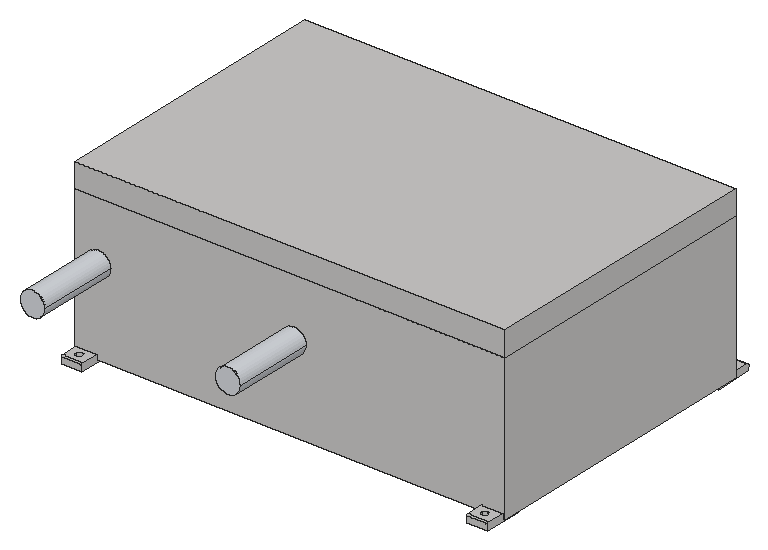
Revit family "Plumbing-Hot_Water_Heater-Haws_Corporation-Instantaneous_Electric", category Plumbing Fixtures, Revit 2016
Family settings
  Part Type = Normal
  Round Connector Dimension = Use Diameter
  OmniClass Number = 23.65.35.11
  OmniClass Title = Supply Water Heaters
  Work Plane-Based = No
  Always vertical = Yes
  Cut with Voids When Loaded = No
  Shared = No
  Room Calculation Point = No
Parameters (values of type "Hawsco_9321")
  URL = "www.hawsco.com"
  Product group = ""
  Product family = ""
  Product SKU = ""
  Model = "9321"
  Manufacturer country = ""
  Manufacturer = "Haws Corportation"
  Height = 1' - 5 39/64"
  Tab Thickness = 0' - 0.45"
  Tab Offset = 0' - 0 3/4"
  Tab Elevation = 0' - 0.29"
  Piping Clearance Length = 6' - 5.77"
  Piping Clearance Depth = 1' - 6.88"
  Length = 2' - 2 69/256"
  Input Height = 0' - 5 67/256"
  Hot Outlet Dist = 0' - 1 115/256"
  Design country = "USA"
  Description = "Instantaneous Electric Water Heater"
  Depth = 0' - 10 23/64"
  Finish = Metal - Haws Corporation - High Polished Stainless Steel
  Door Thickness = 0' - 1 1/2"
  Cold Inlet Dist = 1' - 1 25/64"
  Clearance [instance] = yes
Types (4): name | URL | Model | Height | Tab Thickness | Tab Elevation | Length | Input Height | Hot Outlet Dist | Depth | Cold Inlet Dist
  (no name) | "www.hawsco.com" | "9321" | 1' - 5 39/64" | 0' - 0.45" | 0' - 0.29" | 2' - 2 69/256" | 0' - 5 67/256" | 0' - 1 115/256" | 0' - 10 23/64" | 1' - 1 25/64"
  Hawsco_9326 | "https://www.hawsco.com/9326-tankless-heater-solution/" | "9326" | 2' - 0" | 0' - 1.98333" | 0' - 0.94335" | 2' - 6" | 0' - 6.41083" | 0' - 5 1/2" | 1' - 1 1/4" | 1' - 5.87"
  Hawsco_9327 | "https://www.hawsco.com/9327-tankless-heater-solution/" | "9327" | 2' - 0" | 0' - 1.98333" | 0' - 0.94335" | 2' - 6" | 0' - 6.41083" | 0' - 5 1/2" | 1' - 1 1/4" | 1' - 5.87"
  Hawsco_9321 | "www.hawsco.com" | "9321" | 1' - 5 39/64" | 0' - 0.45" | 0' - 0.29" | 2' - 2 69/256" | 0' - 5 67/256" | 0' - 1 115/256" | 0' - 10 23/64" | 1' - 1 25/64"
Reference planes (in)
  plane 1 "Center (Front/Back)": y = 0
  plane 2: z = 0
  plane 3 "Center (Left/Right)": x = 0
  plane 4: y = 17.60938
  plane 5: x = 26.26953
  plane 6: z = 10.35938
  plane 7: x = 0.75
  plane 8: x = 25.51953
  plane 9: z = 8.85938
  plane 10: z = 0.29
  plane 11: z = -0.16
  plane 12: y = 18.73937
  plane 13: y = -1.13
  plane 14: x = 26.14953
  plane 15: x = 28.62
  plane 16: y = 22.87
  plane 17: y = 18.17437
  plane 18: x = 24.88453
  plane 19: x = 25.51453
  plane 20: x = 26.14453
  plane 21: x = 1.44922
  plane 22: x = 13.39063
  plane 23: z = 5.26172
  plane 24: y = -18.88
  plane 25: x = -21.11
  plane 26: x = 56.66
Forms (in)
  Extrusion 1, solid, material "Metal - Haws Corporation - High Polished Stainless Steel" <- "Finish"
    sketch origin (0, 0, 0) x (1, 0, 0) y (0, 1, 0)
      loop
        line (26.26953, 17.60937) -> (0, 17.60937) -> (0, 0) -> (26.26953, 0) -> (26.26953, 17.60937)
    from 0 to 8.85938
  Extrusion 2, solid, material "Metal - Haws Corporation - High Polished Stainless Steel" <- "Finish"
    sketch origin (0, 0, 0) x (1, 0, 0) y (0, 1, 0)
      loop
        line (0, 17.60938) -> (0, 0) -> (26.26953, 0) -> (26.26953, 17.60938) -> (0, 17.60938)
    from 10.35938 to 8.85938
  Extrusion 3, solid, material "Metal - Haws Corporation - High Polished Stainless Steel" <- "Finish"
    sketch origin (0, 24, 0) x (0, -1, 0) y (0, 0, -1)
      loop
        line (22.87, 0) -> (24, 0) -> (24, -0.29) -> (25.04809, -0.29)
        arc (25.04809, -0.29) -> (25.10601, -0.26601) -> (25.13, -0.20809) r 0.08191
        line (25.13, -0.20809) -> (25.13, 0.16) -> (22.87, 0.16) -> (22.87, 0)
    from 24.88453 to 26.14453
  Extrusion 4, solid, material "Metal - Haws Corporation - High Polished Stainless Steel" <- "Finish"
    sketch origin (30, 24, 0) x (0, -1, 0) y (0, 0, 1)
      loop
        line (22.87, 0) -> (22.87, -0.16) -> (25.13, -0.16) -> (25.13, 0.20809)
        arc (25.13, 0.20809) -> (25.10601, 0.26601) -> (25.04809, 0.29) r 0.08191
        line (25.04809, 0.29) -> (24, 0.29) -> (24, 0) -> (22.87, 0)
    from 28.62 to 29.88
  Extrusion 5, void
    sketch origin (-28.5, 0, 0) x (1, 0, 0) y (0, 1, 0)
      loop
        circle (29.25, 18.17437) r 0.2025
    from -0.16 to 0.29
  Extrusion 6, void
    sketch origin (0, 24, 0) x (1, 0, 0) y (0, 1, 0)
      loop
        circle (25.51953, -24.565) r 0.2025
    from -0.16 to 0.29
  Extrusion 7, void
    sketch origin (-28.5, 24, 0) x (1, 0, 0) y (0, 1, 0)
      loop
        circle (29.25, -24.565) r 0.2025
    from -0.16 to 0.29
  Extrusion 8, solid
    sketch origin (0, 0, 0) x (1, 0, 0) y (0, 0, 1)
      loop
        circle (13.39063, 5.26172) r 0.75
    from 0 to 5
  Extrusion 9, solid
    sketch origin (-11.64, 0, 0) x (1, 0, 0) y (0, 0, 1)
      loop
        circle (13.08922, 5.26172) r 0.75
    from 0 to 5
  Extrusion 10, void
    sketch origin (0, 0, 0) x (1, 0, 0) y (0, 1, 0)
      loop
        circle (25.51953, 18.17437) r 0.2025
    from -0.16 to 0.29
  Extrusion 11, solid, material "Metal - Haws Corporation - High Polished Stainless Steel" <- "Finish"
    sketch origin (0, -6.39062, 0) x (0, 1, 0) y (0, 0, 1)
      loop
        line (22.87, 0) -> (22.87, -0.16) -> (25.13, -0.16) -> (25.13, 0.20809)
        arc (25.13, 0.20809) -> (25.10601, 0.26601) -> (25.04809, 0.29) r 0.08191
        line (25.04809, 0.29) -> (24, 0.29) -> (24, 0) -> (22.87, 0)
    from 24.88453 to 26.14953
  Extrusion 12, solid, material "Metal - Haws Corporation - High Polished Stainless Steel" <- "Finish"
    sketch origin (30, -6.39063, 0) x (0, 1, 0) y (0, 0, -1)
      loop
        line (22.87, 0) -> (24, 0) -> (24, -0.29) -> (25.04809, -0.29)
        arc (25.04809, -0.29) -> (25.10601, -0.26601) -> (25.13, -0.20809) r 0.08191
        line (25.13, -0.20809) -> (25.13, 0.16) -> (22.87, 0.16) -> (22.87, 0)
    from 28.62 to 29.88
  Extrusion 13, void
    sketch origin (-28.5, 0, 0) x (1, 0, 0) y (0, 1, 0)
      loop
        circle (29.25, 18.17437) r 0.2025
    from -0.16 to 0.29
  Extrusion 14, void
    sketch origin (0, 0, 0) x (1, 0, 0) y (0, 1, 0)
      loop
        circle (25.51953, 18.17437) r 0.2025
    from -0.16 to 0.29
Cuts and joins
  Extrusion 6 cuts Extrusion 3
  Extrusion 7 cuts Extrusion 4
  Extrusion 13 cuts Extrusion 12
  Extrusion 14 cuts Extrusion 11
Lines and regions (in)
  symbolic lines, style "PlumbingFixturesHiddenLines", visible <- "Clearance"
    curve 1: line (56.66, -1.13, 0) -> (-21.11, -1.13, 0)
    curve 2: line (56.66, -18.88, 0) -> (56.66, -1.13, 0)
    curve 3: line (-21.11, -18.88, 0) -> (56.66, -18.88, 0)
    curve 4: line (-21.11, -1.13, 0) -> (-21.11, -18.88, 0)
  symbolic lines, style "PlumbingFixtures"
    curve 5: line (0, 17.60938, 0) -> (26.14953, 17.60938, 0)
    curve 6: line (0, -1.13, 0) -> (0, 17.60938, 0)
    curve 7: line (26.14953, -1.13, 0) -> (0, -1.13, 0)
    curve 8: line (26.14953, 17.60938, 0) -> (26.14953, -1.13, 0)
Dimensions and locks (in)
  "Height": plane 4 to plane 1 "Center (Front/Back)"
  "Length": plane 3 "Center (Left/Right)" to plane 5
  "Depth": plane 6 to level
  "Tab Offset": plane 7 to plane 3 "Center (Left/Right)"
  "Tab Offset": plane 5 to plane 8
  "Door Thickness": plane 6 to plane 9
  locked: level to plane 11 at 0.16
  locked: plane 10 to plane 11 at 0.45
  locked: plane 12 to plane 4 at 1.13
  locked: plane 13 to plane 1 "Center (Front/Back)" at 1.13
  locked: plane 8 to plane 14 at 0.63
  equal spacing: plane 12, plane 17, plane 4
  locked: plane 18 to plane 19 at 0.63
  locked: plane 19 to plane 20 at 0.63
  locked: plane 20 to plane 5 at 0.125
  "Input Height": plane 23 to level
  "Hot Outlet Dist": plane 21 to plane 3 "Center (Left/Right)"
  "Cold Inlet Dist": plane 22 to plane 3 "Center (Left/Right)"
  locked: Extrusion 8 to plane 22 at 0.75
  locked: Extrusion 8 to plane 23 at 0.75
  locked: Extrusion 9 to plane 23 at 0.75
  locked: Extrusion 9 to plane 21 at 0.75
  locked: plane 25 to Extrusion 2 at 21.11
  "Piping Clearance Length": plane 25 to plane 26
  "Piping Clearance Depth": plane 24 to plane 1 "Center (Front/Back)"
  locked: plane 3 "Center (Left/Right)" to Extrusion 12 at 0.12
  locked: Extrusion 12 to Extrusion 2 at 1.13
  locked: Extrusion 11 to plane 4 at 1.13
  radius of Extrusion 5 sketch curve = 0' - 0.2025"
  radius of Extrusion 6 sketch curve = 0' - 0.2025"
  radius of Extrusion 7 sketch curve = 0' - 0.2025"
  radius of Extrusion 8 sketch curve = 0' - 0 3/4"
  radius of Extrusion 9 sketch curve = 0' - 0 3/4"
  radius of Extrusion 10 sketch curve = 0' - 0.2025"
  radius of Extrusion 13 sketch curve = 0' - 0.2025"
  radius of Extrusion 14 sketch curve = 0' - 0.2025"
  aligned and locked: level to plane 2
  aligned and locked: plane 5 to Extrusion 1
  aligned and locked: Extrusion 1 to plane 3 "Center (Left/Right)"
  aligned and locked: plane 1 "Center (Front/Back)" to Extrusion 1
  aligned and locked: plane 4 to Extrusion 1
  aligned and locked: Extrusion 1 to level
  aligned and locked: plane 9 to Extrusion 1
  aligned and locked: Extrusion 2 sketch curve to plane 4
  aligned and locked: plane 3 "Center (Left/Right)" to Extrusion 2 sketch curve
  aligned and locked: Extrusion 2 sketch curve to plane 1 "Center (Front/Back)"
  aligned and locked: Extrusion 2 sketch curve to plane 5
  aligned and locked: plane 6 to Extrusion 2
  aligned and locked: Extrusion 2 to plane 9
  aligned and locked: Extrusion 3 to plane 18
  aligned and locked: Extrusion 3 to plane 20
  aligned and locked: curve 3 to plane 24
  aligned and locked: curve 4 to plane 25
  aligned and locked: curve 1 to plane 13
  aligned and locked: plane 26 to curve 2
  aligned and locked: Extrusion 11 to plane 18
  aligned and locked: Extrusion 11 to plane 14
  aligned and locked: curve 7 to plane 13
  aligned and locked: plane 14 to curve 8
  aligned and locked: curve 5 to plane 4
  aligned and locked: plane 3 "Center (Left/Right)" to curve 6
Automatic sketch dimensions
  Extrusion 1 sketch curve to plane 3 "Center (Left/Right)" = 0' - 0"
  plane 1 "Center (Front/Back)" to Extrusion 1 sketch curve = 0' - 0"
  Extrusion 1 sketch curve to plane 5 = 0' - 0"
  Extrusion 1 sketch curve to plane 4 = 0' - 0"
  Extrusion 3 sketch curve to plane 11 = 0' - 0"
  Extrusion 3 sketch curve to level = 0' - 0"
  Extrusion 3 sketch curve to plane 1 "Center (Front/Back)" = 0' - 0"
  Extrusion 3 sketch curve to plane 10 = 0' - 0"
  Extrusion 3 sketch curve to plane 13 = 0' - 0"
  plane 1 "Center (Front/Back)" to Extrusion 3 sketch curve = 0' - 1.13"
  plane 10 to Extrusion 3 sketch curve = 0' - 0.08191"
  Extrusion 4 sketch curve to plane 11 = 0' - 0"
  Extrusion 4 sketch curve to level = 0' - 0"
  Extrusion 4 sketch curve to plane 1 "Center (Front/Back)" = 0' - 0"
  Extrusion 4 sketch curve to plane 10 = 0' - 0"
  Extrusion 4 sketch curve to plane 13 = 0' - 0"
  Extrusion 4 sketch curve to plane 1 "Center (Front/Back)" = 0' - 1.13"
  Extrusion 4 sketch curve to plane 10 = 0' - 0.08191"
  Extrusion 5 sketch curve to plane 7 = 0' - 0"
  Extrusion 5 sketch curve to plane 17 = 0' - 0"
  Extrusion 6 sketch curve to plane 8 = 0' - 0"
  Extrusion 6 sketch curve to plane 1 "Center (Front/Back)" = 0' - 0.565"
  Extrusion 7 sketch curve to plane 7 = 0' - 0"
  plane 1 "Center (Front/Back)" to Extrusion 7 sketch curve = 0' - 0.565"
  Extrusion 8 sketch curve to plane 22 = 0' - 0"
  Extrusion 8 sketch curve to plane 23 = 0' - 0"
  Extrusion 9 sketch curve to plane 21 = 0' - 0"
  Extrusion 9 sketch curve to plane 23 = 0' - 0"
  Extrusion 10 sketch curve to plane 8 = 0' - 0"
  Extrusion 10 sketch curve to plane 17 = 0' - 0"
  Extrusion 11 sketch curve to plane 11 = 0' - 0"
  Extrusion 11 sketch curve to level = 0' - 0"
  Extrusion 11 sketch curve to plane 4 = 0' - 0"
  Extrusion 11 sketch curve to plane 10 = 0' - 0"
  Extrusion 11 sketch curve to plane 12 = 0' - 0"
  Extrusion 11 sketch curve to Extrusion 11 sketch curve = 0' - 1.13"
  Extrusion 11 sketch curve to plane 10 = 0' - 0.08191"
  Extrusion 12 sketch curve to plane 11 = 0' - 0"
  Extrusion 12 sketch curve to level = 0' - 0"
  Extrusion 12 sketch curve to plane 4 = 0' - 0"
  Extrusion 12 sketch curve to plane 10 = 0' - 0"
  Extrusion 12 sketch curve to plane 12 = 0' - 0"
  Extrusion 12 sketch curve to plane 4 = 0' - 1.13"
  Extrusion 12 sketch curve to plane 10 = 0' - 0.08191"
  Extrusion 13 sketch curve to plane 7 = 0' - 0"
  Extrusion 13 sketch curve to plane 17 = 0' - 0"
  Extrusion 14 sketch curve to plane 8 = 0' - 0"
  plane 17 to Extrusion 14 sketch curve = 0' - 0"
Connectors (in)
  piping at (13.39063, -5, 5.26172), diameter 1.25
    settings: on Extrusion 8, index 1, connector inside diameter 24", connector length 0' - 0", flow factor 0, pipe flow 0 GPM, pressure drop 0.00 psi, fitting loss kfactor 0, connector angle 0.00°, fixture units 0, engagement length 0' - 0", angle of deflection 0.00°, flow configuration 0, flow direction 1, fitting loss method 0, system type 7, joint type 0, gender type 0, connector reference index -1, connector utility 0, adjustable connector no, is connector primary yes, connector description "Cold Water Inlet"
  piping at (1.44922, -5, 5.26172), diameter 1.25
    settings: on Extrusion 9, index 2, connector inside diameter 24", connector length 0' - 0", flow factor 0, pipe flow 0 GPM, pressure drop 0.00 psi, fitting loss kfactor 0, connector angle 0.00°, fixture units 0, engagement length 0' - 0", angle of deflection 0.00°, flow configuration 0, flow direction 2, fitting loss method 0, system type 8, joint type 0, gender type 0, connector reference index -1, connector utility 0, adjustable connector no, is connector primary no, connector description "Hot Water Outlet"
